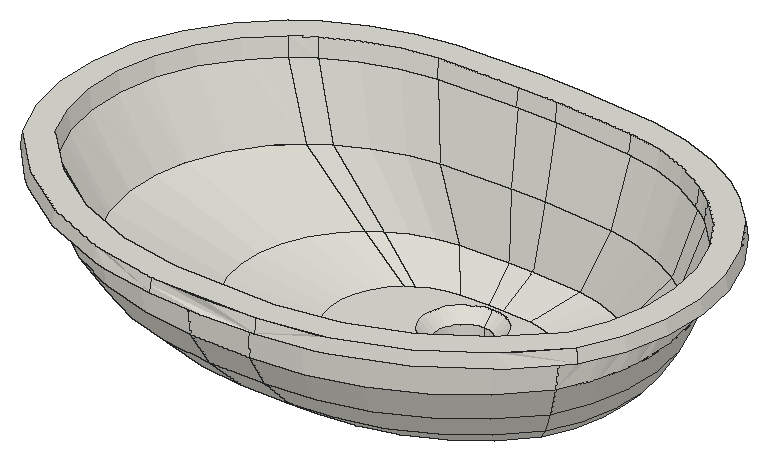
Revit family "Lav-Corian-European-Calm-815", category Plumbing Fixtures, host Face, Revit 2015
Parameters (values of type "815")
  Width = 571 mm
  WFU = 0
  Version = "2015 - 1.0b"  # constant formula
  URL = "http://www.corian.uk/-the-complete-residential-surfaces-solutions-"
  Sink Colors Available = "Bone, Cameo White, Designer White, Glacier White, Vanilla"
  Product Page URL = "http://www.corian.uk/-bathroom-basins-"
  Model = "Calm 815"  # constant formula
  Manufacturer = "DuPont"  # constant formula
  Length = 418 mm
  Interior Width = 520 mm
  Interior Length = 368.3 mm
  HWFU = 0
  Finish = Solid Surface Sink - DuPont - Bone
  Description = "Bathroom Basin Europe Specification"  # constant formula
  Depth = 177.8 mm
  Default Elevation = 1219.2 mm
  Cost = 0
  CWFU = 0
Reference planes
  plane 1 "Center (Front/Back)": y = 0
  plane 2: z = 0
  plane 3 "Center (Left/Right)": x = 0
  plane 4: z = -189.8
  plane 5: x = -260
  plane 6: x = 260
  plane 7: y = 184.15
  plane 8: y = -184.15
  plane 9 "NAME": z = -12
  plane 10: z = 12
  plane 11: z = -148.525
  plane 12: y = 96.455
  plane 13: x = -285.5
  plane 14: x = 285.5
  plane 15: y = 209
  plane 16: y = -209
  plane 17: y = -209
Forms (mm)
  Extrusion 1, void
    sketch origin (-322.065, -4572, -12) x (-1, 0, 0) y (0, -1, 0)
      loop
        arc (-83.556, -4491.518) -> (-168.873, -4420.578) -> (-275.58, -4390.164) r 268.667
        arc (-275.58, -4390.164) -> (-322.065, -4387.85) -> (-368.55, -4390.164) r 468.132
        arc (-368.55, -4390.164) -> (-475.257, -4420.578) -> (-560.574, -4491.518) r 268.667
        arc (-560.574, -4491.518) -> (-578.816, -4607.787) -> (-517.569, -4708.287) r 170.922
        arc (-517.569, -4708.287) -> (-508.771, -4715.003) -> (-499.57, -4721.156) r 177.074
        arc (-499.57, -4721.156) -> (-457.322, -4741.185) -> (-411.61, -4751.01) r 202.862
        arc (-411.61, -4751.01) -> (-375.764, -4753.601) -> (-339.835, -4754.465) r 747.176
        line (-339.835, -4754.465) -> (-304.295, -4754.465)
        arc (-304.295, -4754.465) -> (-268.366, -4753.601) -> (-232.52, -4751.01) r 747.176
        arc (-232.52, -4751.01) -> (-186.808, -4741.185) -> (-144.559, -4721.156) r 202.862
        arc (-144.559, -4721.156) -> (-135.358, -4715.003) -> (-126.56, -4708.287) r 177.074
        arc (-126.56, -4708.287) -> (-65.314, -4607.787) -> (-83.556, -4491.518) r 170.922
    from 39.73 to -177.8
  SweptBlend 2, solid, material "Solid Surface Sink - DuPont - Bone" <- "Finish"
    path origin (0, 0, 0) x (0, 1, 0) y (0, 0, 1)
      loop
        line (96.455, -28.44) -> (96.455, -60.19)
    profile origin (0, 96.455, -28.44) x (1, 0, 0) y (0, 1, 0)
      loop
        arc (-82.637, 91.233) -> (-129.669, 81.125) -> (-173.138, 60.517) r 208.722
        arc (-173.138, 60.517) -> (-182.723, 54.109) -> (-191.893, 47.119) r 185.684
        arc (-191.893, 47.119) -> (-256.57, -59.918) -> (-235.995, -183.275) r 180.188
        arc (-235.995, -183.275) -> (-143.846, -258.633) -> (-28.128, -286.553) r 267.509
        line (-28.128, -286.553) -> (28.128, -286.553)
        arc (28.128, -286.553) -> (143.846, -258.633) -> (235.995, -183.275) r 267.509
        arc (235.995, -183.275) -> (256.57, -59.918) -> (191.893, 47.119) r 180.188
        arc (191.893, 47.119) -> (182.723, 54.109) -> (173.138, 60.517) r 185.684
        arc (173.138, 60.517) -> (129.669, 81.125) -> (82.637, 91.233) r 208.722
        arc (82.637, 91.233) -> (49.295, 93.643) -> (15.875, 94.447) r 694.989
        line (15.875, 94.447) -> (-15.875, 94.447)
        arc (-15.875, 94.447) -> (-49.295, 93.643) -> (-82.637, 91.233) r 694.989
    end profile origin (0, 96.455, -60.19) x (1, 0, 0) y (0, 1, 0)
      loop
        arc (-80.982, 86.975) -> (-127.073, 77.069) -> (-169.672, 56.874) r 204.543
        arc (-169.672, 56.874) -> (-179.065, 50.594) -> (-188.051, 43.744) r 181.966
        arc (-188.051, 43.744) -> (-251.433, -61.15) -> (-231.27, -182.037) r 176.58
        arc (-231.27, -182.037) -> (-140.966, -255.886) -> (-27.564, -283.247) r 262.153
        line (-27.564, -283.247) -> (27.564, -283.247)
        arc (27.564, -283.247) -> (140.966, -255.886) -> (231.27, -182.037) r 262.153
        arc (231.27, -182.037) -> (251.433, -61.15) -> (188.051, 43.744) r 176.58
        arc (188.051, 43.744) -> (179.065, 50.594) -> (169.672, 56.874) r 181.966
        arc (169.672, 56.874) -> (127.073, 77.069) -> (80.982, 86.975) r 204.543
        arc (80.982, 86.975) -> (48.308, 89.337) -> (15.557, 90.125) r 681.074
        line (15.557, 90.125) -> (-15.557, 90.125)
        arc (-15.557, 90.125) -> (-48.308, 89.337) -> (-80.982, 86.975) r 681.074
  SweptBlend 3, solid, material "Solid Surface Sink - DuPont - Bone" <- "Finish"
    path origin (0, 0, 0) x (0, 1, 0) y (0, 0, 1)
      loop
        line (96.455, -60.19) -> (96.455, -91.94)
    profile origin (0, 96.455, -60.19) x (1, 0, 0) y (0, 1, 0)
      loop
        arc (188.051, 43.744) -> (179.065, 50.594) -> (169.672, 56.874) r 181.966
        arc (169.672, 56.874) -> (127.073, 77.069) -> (80.982, 86.975) r 204.543
        arc (80.982, 86.975) -> (48.308, 89.337) -> (15.557, 90.125) r 681.074
        line (15.557, 90.125) -> (-15.557, 90.125)
        arc (-15.557, 90.125) -> (-48.308, 89.337) -> (-80.982, 86.975) r 681.074
        arc (-80.982, 86.975) -> (-127.073, 77.069) -> (-169.672, 56.874) r 204.543
        arc (-169.672, 56.874) -> (-179.065, 50.594) -> (-188.051, 43.744) r 181.966
        arc (-188.051, 43.744) -> (-251.433, -61.15) -> (-231.27, -182.037) r 176.58
        arc (-231.27, -182.037) -> (-140.966, -255.886) -> (-27.564, -283.247) r 262.153
        line (-27.564, -283.247) -> (27.564, -283.247)
        arc (27.564, -283.247) -> (140.966, -255.886) -> (231.27, -182.037) r 262.153
        arc (231.27, -182.037) -> (251.433, -61.15) -> (188.051, 43.744) r 176.58
    end profile origin (0, 96.455, -91.94) x (1, 0, 0) y (0, 1, 0)
      loop
        arc (175.583, 42.498) -> (167.193, 48.894) -> (158.422, 54.757) r 169.902
        arc (158.422, 54.757) -> (118.648, 73.613) -> (75.613, 82.863) r 190.981
        arc (75.613, 82.863) -> (45.105, 85.068) -> (14.526, 85.804) r 635.918
        line (14.526, 85.804) -> (-14.526, 85.804)
        arc (-14.526, 85.804) -> (-45.105, 85.068) -> (-75.613, 82.863) r 635.918
        arc (-75.613, 82.863) -> (-118.648, 73.613) -> (-158.422, 54.757) r 190.981
        arc (-158.422, 54.757) -> (-167.193, 48.894) -> (-175.583, 42.498) r 169.902
        arc (-175.583, 42.498) -> (-234.763, -55.442) -> (-215.937, -168.314) r 164.873
        arc (-215.937, -168.314) -> (-131.62, -237.267) -> (-25.737, -262.813) r 244.772
        line (-25.737, -262.813) -> (25.737, -262.813)
        arc (25.737, -262.813) -> (131.62, -237.267) -> (215.937, -168.314) r 244.772
        arc (215.937, -168.314) -> (234.763, -55.442) -> (175.583, 42.498) r 164.873
  SweptBlend 4, solid, material "Solid Surface Sink - DuPont - Bone" <- "Finish"
    path origin (0, 0, 0) x (0, 1, 0) y (0, 0, 1)
      loop
        line (96.455, -91.94) -> (96.455, -123.69)
    profile origin (0, 96.455, -91.94) x (1, 0, 0) y (0, 1, 0)
      loop
        arc (175.583, 42.498) -> (167.193, 48.894) -> (158.422, 54.757) r 169.902
        arc (158.422, 54.757) -> (118.648, 73.613) -> (75.613, 82.863) r 190.981
        arc (75.613, 82.863) -> (45.105, 85.068) -> (14.526, 85.804) r 635.918
        line (14.526, 85.804) -> (-14.526, 85.804)
        arc (-14.526, 85.804) -> (-45.105, 85.068) -> (-75.613, 82.863) r 635.918
        arc (-75.613, 82.863) -> (-118.648, 73.613) -> (-158.422, 54.757) r 190.981
        arc (-158.422, 54.757) -> (-167.193, 48.894) -> (-175.583, 42.498) r 169.902
        arc (-175.583, 42.498) -> (-234.763, -55.442) -> (-215.937, -168.314) r 164.873
        arc (-215.937, -168.314) -> (-131.62, -237.267) -> (-25.737, -262.813) r 244.772
        line (-25.737, -262.813) -> (25.737, -262.813)
        arc (25.737, -262.813) -> (131.62, -237.267) -> (215.937, -168.314) r 244.772
        arc (215.937, -168.314) -> (234.763, -55.442) -> (175.583, 42.498) r 164.873
    end profile origin (0, 96.455, -123.69) x (1, 0, 0) y (0, 1, 0)
      loop
        arc (157.345, 43.304) -> (149.826, 49.036) -> (141.967, 54.289) r 152.254
        arc (141.967, 54.289) -> (106.324, 71.187) -> (67.759, 79.476) r 171.144
        arc (67.759, 79.476) -> (40.42, 81.452) -> (13.017, 82.111) r 569.865
        line (13.017, 82.111) -> (-13.017, 82.111)
        arc (-13.017, 82.111) -> (-40.42, 81.452) -> (-67.759, 79.476) r 569.865
        arc (-67.759, 79.476) -> (-106.324, 71.187) -> (-141.967, 54.289) r 171.144
        arc (-141.967, 54.289) -> (-149.826, 49.036) -> (-157.345, 43.304) r 152.254
        arc (-157.345, 43.304) -> (-210.377, -44.463) -> (-193.507, -145.611) r 147.747
        arc (-193.507, -145.611) -> (-117.948, -207.401) -> (-23.064, -230.294) r 219.347
        line (-23.064, -230.294) -> (23.064, -230.294)
        arc (23.064, -230.294) -> (117.948, -207.401) -> (193.507, -145.611) r 219.347
        arc (193.507, -145.611) -> (210.377, -44.463) -> (157.345, 43.304) r 147.747
  SweptBlend 5, solid, material "Solid Surface Sink - DuPont - Bone" <- "Finish"
    path origin (0, 0, 0) x (0, 1, 0) y (0, 0, 1)
      loop
        line (96.455, -123.69) -> (96.455, -148.525)
    profile origin (0, 96.455, -123.69) x (1, 0, 0) y (0, 1, 0)
      loop
        arc (157.345, 43.304) -> (149.826, 49.036) -> (141.967, 54.289) r 152.254
        arc (141.967, 54.289) -> (106.324, 71.187) -> (67.759, 79.476) r 171.144
        arc (67.759, 79.476) -> (40.42, 81.452) -> (13.017, 82.111) r 569.865
        line (13.017, 82.111) -> (-13.017, 82.111)
        arc (-13.017, 82.111) -> (-40.42, 81.452) -> (-67.759, 79.476) r 569.865
        arc (-67.759, 79.476) -> (-106.324, 71.187) -> (-141.967, 54.289) r 171.144
        arc (-141.967, 54.289) -> (-149.826, 49.036) -> (-157.345, 43.304) r 152.254
        arc (-157.345, 43.304) -> (-210.377, -44.463) -> (-193.507, -145.611) r 147.747
        arc (-193.507, -145.611) -> (-117.948, -207.401) -> (-23.064, -230.294) r 219.347
        line (-23.064, -230.294) -> (23.064, -230.294)
        arc (23.064, -230.294) -> (117.948, -207.401) -> (193.507, -145.611) r 219.347
        arc (193.507, -145.611) -> (210.377, -44.463) -> (157.345, 43.304) r 147.747
    end profile origin (0, 96.455, -148.525) x (1, 0, 0) y (0, 1, 0)
      loop
        arc (137.523, 44.967) -> (130.952, 49.977) -> (124.082, 54.569) r 133.073
        arc (124.082, 54.569) -> (92.93, 69.338) -> (59.223, 76.582) r 149.584
        arc (59.223, 76.582) -> (35.328, 78.309) -> (11.377, 78.885) r 498.076
        line (11.377, 78.885) -> (-11.377, 78.885)
        arc (-11.377, 78.885) -> (-35.328, 78.309) -> (-59.223, 76.582) r 498.076
        arc (-59.223, 76.582) -> (-92.93, 69.338) -> (-124.082, 54.569) r 149.584
        arc (-124.082, 54.569) -> (-130.952, 49.977) -> (-137.523, 44.967) r 133.073
        arc (-137.523, 44.967) -> (-183.875, -31.743) -> (-169.13, -120.149) r 129.135
        arc (-169.13, -120.149) -> (-103.09, -174.156) -> (-20.158, -194.165) r 191.715
        line (-20.158, -194.165) -> (20.158, -194.165)
        arc (20.158, -194.165) -> (103.09, -174.156) -> (169.13, -120.149) r 191.715
        arc (169.13, -120.149) -> (183.875, -31.743) -> (137.523, 44.967) r 129.135
  Sweep 6, solid, material "Solid Surface Sink - DuPont - Bone" <- "Finish"
    path origin (-322.065, -4572, -12) x (-1, 0, 0) y (0, -1, 0)
      loop
        arc (-275.58, -4390.164) -> (-322.065, -4387.85) -> (-368.55, -4390.164) r 468.132
        arc (-368.55, -4390.164) -> (-475.257, -4420.578) -> (-560.574, -4491.518) r 268.667
        arc (-560.574, -4491.518) -> (-578.816, -4607.787) -> (-517.569, -4708.287) r 170.922
        arc (-517.569, -4708.287) -> (-508.771, -4715.003) -> (-499.57, -4721.156) r 177.074
        arc (-499.57, -4721.156) -> (-457.322, -4741.185) -> (-411.61, -4751.01) r 202.862
        arc (-411.61, -4751.01) -> (-375.764, -4753.601) -> (-339.835, -4754.465) r 747.176
        line (-339.835, -4754.465) -> (-304.295, -4754.465)
        arc (-304.295, -4754.465) -> (-268.366, -4753.601) -> (-232.52, -4751.01) r 747.176
        arc (-232.52, -4751.01) -> (-186.808, -4741.185) -> (-144.559, -4721.156) r 202.862
        arc (-144.559, -4721.156) -> (-135.358, -4715.003) -> (-126.56, -4708.287) r 177.074
        arc (-126.56, -4708.287) -> (-65.314, -4607.787) -> (-83.556, -4491.518) r 170.922
        arc (-83.556, -4491.518) -> (-168.873, -4420.578) -> (-275.58, -4390.164) r 268.667
    profile origin (0, -184.15, -12) x (0, 1, 0) y (0, 0, 1)
      loop
        line (-23.447, 0) -> (-25.4, -12.331) -> (-7.33, -12.331) -> (-6.752, -16.44) -> (2.31, -16.44) -> (0, 0) -> (-23.447, 0)
  SweptBlend 7, solid, material "Solid Surface Sink - DuPont - Bone" <- "Finish"
    path origin (0, 0, 0) x (0, 1, 0) y (0, 0, 1)
      loop
        line (96.455, -148.525) -> (96.455, -169.322)
    profile origin (0, 96.455, -148.525) x (1, 0, 0) y (0, 1, 0)
      loop
        arc (169.13, -120.149) -> (183.875, -31.743) -> (137.523, 44.967) r 129.135
        arc (137.523, 44.967) -> (130.952, 49.977) -> (124.082, 54.569) r 133.073
        arc (124.082, 54.569) -> (92.93, 69.338) -> (59.223, 76.582) r 149.584
        arc (59.223, 76.582) -> (35.328, 78.309) -> (11.377, 78.885) r 498.076
        line (11.377, 78.885) -> (-11.377, 78.885)
        arc (-11.377, 78.885) -> (-35.328, 78.309) -> (-59.223, 76.582) r 498.076
        arc (-59.223, 76.582) -> (-92.93, 69.338) -> (-124.082, 54.569) r 149.584
        arc (-124.082, 54.569) -> (-130.952, 49.977) -> (-137.523, 44.967) r 133.073
        arc (-137.523, 44.967) -> (-183.875, -31.743) -> (-169.13, -120.149) r 129.135
        arc (-169.13, -120.149) -> (-103.09, -174.156) -> (-20.158, -194.165) r 191.715
        line (-20.158, -194.165) -> (20.158, -194.165)
        arc (20.158, -194.165) -> (103.09, -174.156) -> (169.13, -120.149) r 191.715
    end profile origin (0, 96.455, -169.322) x (1, 0, 0) y (0, 1, 0)
      loop
        arc (129.797, -85.189) -> (141.113, -17.342) -> (105.541, 41.528) r 99.103
        arc (105.541, 41.528) -> (100.498, 45.373) -> (95.226, 48.897) r 102.126
        arc (95.226, 48.897) -> (71.318, 60.231) -> (45.45, 65.791) r 114.797
        arc (45.45, 65.791) -> (27.112, 67.117) -> (8.731, 67.559) r 382.244
        line (8.731, 67.559) -> (-8.731, 67.559)
        arc (-8.731, 67.559) -> (-27.112, 67.117) -> (-45.45, 65.791) r 382.244
        arc (-45.45, 65.791) -> (-71.318, 60.231) -> (-95.226, 48.897) r 114.797
        arc (-95.226, 48.897) -> (-100.498, 45.373) -> (-105.541, 41.528) r 102.126
        arc (-105.541, 41.528) -> (-141.113, -17.342) -> (-129.797, -85.189) r 99.103
        arc (-129.797, -85.189) -> (-79.115, -126.636) -> (-15.47, -141.991) r 147.13
        line (-15.47, -141.991) -> (15.47, -141.991)
        arc (15.47, -141.991) -> (79.115, -126.636) -> (129.797, -85.189) r 147.13
  SweptBlend 8, solid, material "Solid Surface Sink - DuPont - Bone" <- "Finish"
    path origin (0, 0, 0) x (0, 1, 0) y (0, 0, 1)
      loop
        line (95.859, -169.322) -> (95.859, -182.022)
    profile origin (0, 95.859, -169.322) x (1, 0, 0) y (0, 1, 0)
      loop
        arc (105.541, 42.124) -> (100.498, 45.968) -> (95.226, 49.492) r 102.126
        arc (95.226, 49.492) -> (71.318, 60.827) -> (45.45, 66.386) r 114.797
        arc (45.45, 66.386) -> (27.112, 67.712) -> (8.731, 68.154) r 382.244
        line (8.731, 68.154) -> (-8.731, 68.154)
        arc (-8.731, 68.154) -> (-27.112, 67.712) -> (-45.45, 66.386) r 382.244
        arc (-45.45, 66.386) -> (-71.318, 60.827) -> (-95.226, 49.492) r 114.797
        arc (-95.226, 49.492) -> (-100.498, 45.968) -> (-105.541, 42.124) r 102.126
        arc (-105.541, 42.124) -> (-141.113, -16.747) -> (-129.797, -84.593) r 99.103
        arc (-129.797, -84.593) -> (-79.115, -126.04) -> (-15.47, -141.396) r 147.13
        line (-15.47, -141.396) -> (15.47, -141.396)
        arc (15.47, -141.396) -> (79.115, -126.04) -> (129.797, -84.593) r 147.13
        arc (129.797, -84.593) -> (141.113, -16.747) -> (105.541, 42.124) r 99.103
    end profile origin (0, 95.859, -182.022) x (1, 0, 0) y (0, 1, 0)
      loop
        arc (51.132, -17.419) -> (55.59, 9.308) -> (41.577, 32.5) r 39.041
        arc (41.577, 32.5) -> (39.59, 34.014) -> (37.513, 35.403) r 40.232
        arc (37.513, 35.403) -> (28.095, 39.868) -> (17.905, 42.058) r 45.223
        arc (17.905, 42.058) -> (10.681, 42.58) -> (3.44, 42.754) r 150.581
        line (3.44, 42.754) -> (-3.44, 42.754)
        arc (-3.44, 42.754) -> (-10.681, 42.58) -> (-17.905, 42.058) r 150.581
        arc (-17.905, 42.058) -> (-28.095, 39.868) -> (-37.513, 35.403) r 45.223
        arc (-37.513, 35.403) -> (-39.59, 34.014) -> (-41.577, 32.5) r 40.232
        arc (-41.577, 32.5) -> (-55.59, 9.308) -> (-51.132, -17.419) r 39.041
        arc (-51.132, -17.419) -> (-31.167, -33.747) -> (-6.094, -39.796) r 57.96
        line (-6.094, -39.796) -> (6.094, -39.796)
        arc (6.094, -39.796) -> (31.167, -33.747) -> (51.132, -17.419) r 57.96
  SweptBlend 9, solid, material "Solid Surface Sink - DuPont - Bone" <- "Finish"
    path origin (0, 0, 0) x (0, 1, 0) y (0, 0, 1)
      loop
        line (96.455, -189.8) -> (96.455, -182.022)
    profile origin (0, 96.455, -189.8) x (0, -1, 0) y (1, 0, 0)
      loop
        line (-38.831, 3.264) -> (-38.831, -3.264)
        arc (-38.831, -3.264) -> (-38.666, -10.135) -> (-38.17, -16.991) r 142.895
        arc (-38.17, -16.991) -> (-36.092, -26.661) -> (-31.855, -35.599) r 42.915
        arc (-31.855, -35.599) -> (-30.537, -37.569) -> (-29.1, -39.455) r 38.178
        arc (-29.1, -39.455) -> (-7.092, -52.753) -> (18.271, -48.522) r 37.048
        arc (18.271, -48.522) -> (33.765, -29.576) -> (39.505, -5.783) r 55.002
        line (39.505, -5.783) -> (39.505, 5.783)
        arc (39.505, 5.783) -> (33.765, 29.576) -> (18.271, 48.522) r 55.002
        arc (18.271, 48.522) -> (-7.092, 52.753) -> (-29.1, 39.455) r 37.048
        arc (-29.1, 39.455) -> (-30.537, 37.569) -> (-31.855, 35.599) r 38.178
        arc (-31.855, 35.599) -> (-36.092, 26.661) -> (-38.17, 16.991) r 42.915
        arc (-38.17, 16.991) -> (-38.666, 10.135) -> (-38.831, 3.264) r 142.895
    end profile origin (0, 96.455, -182.022) x (0, -1, 0) y (1, 0, 0)
      loop
        line (-42.159, 3.44) -> (-42.159, -3.44)
        arc (-42.159, -3.44) -> (-41.985, -10.681) -> (-41.462, -17.905) r 150.581
        arc (-41.462, -17.905) -> (-39.272, -28.095) -> (-34.807, -37.513) r 45.223
        arc (-34.807, -37.513) -> (-33.419, -39.59) -> (-31.904, -41.577) r 40.232
        arc (-31.904, -41.577) -> (-8.713, -55.59) -> (18.014, -51.132) r 39.041
        arc (18.014, -51.132) -> (34.342, -31.167) -> (40.391, -6.094) r 57.96
        line (40.391, -6.094) -> (40.391, 6.094)
        arc (40.391, 6.094) -> (34.342, 31.167) -> (18.014, 51.132) r 57.96
        arc (18.014, 51.132) -> (-8.713, 55.59) -> (-31.904, 41.577) r 39.041
        arc (-31.904, 41.577) -> (-33.419, 39.59) -> (-34.807, 37.513) r 40.232
        arc (-34.807, 37.513) -> (-39.272, 28.095) -> (-41.462, 17.905) r 45.223
        arc (-41.462, 17.905) -> (-41.985, 10.681) -> (-42.159, 3.44) r 150.581
  SweptBlend 10, void
    path origin (0, 0, 0) x (0, 1, 0) y (0, 0, 1)
      loop
        line (96.455, -28.44) -> (96.455, -91.94)
    profile origin (0, 96.455, -28.44) x (1, 0, 0) y (0, 1, 0)
      loop
        arc (-238.509, -176.936) -> (-153.192, -247.877) -> (-46.485, -278.291) r 268.667
        arc (-46.485, -278.291) -> (0, -280.605) -> (46.485, -278.291) r 468.132
        arc (46.485, -278.291) -> (153.192, -247.877) -> (238.509, -176.936) r 268.667
        arc (238.509, -176.936) -> (256.751, -60.668) -> (195.505, 39.832) r 170.922
        arc (195.505, 39.832) -> (186.706, 46.548) -> (177.506, 52.701) r 177.074
        arc (177.506, 52.701) -> (135.257, 72.73) -> (89.545, 82.555) r 202.862
        arc (89.545, 82.555) -> (53.699, 85.146) -> (17.77, 86.01) r 747.176
        line (17.77, 86.01) -> (-17.77, 86.01)
        arc (-17.77, 86.01) -> (-53.699, 85.146) -> (-89.545, 82.555) r 747.176
        arc (-89.545, 82.555) -> (-135.257, 72.73) -> (-177.506, 52.701) r 202.862
        arc (-177.506, 52.701) -> (-186.706, 46.548) -> (-195.505, 39.832) r 177.074
        arc (-195.505, 39.832) -> (-256.751, -60.668) -> (-238.509, -176.936) r 170.922
    end profile origin (0, 96.455, -91.94) x (1, 0, 0) y (0, 1, 0)
      loop
        arc (-173.497, 33.804) -> (-227.849, -55.382) -> (-211.66, -158.563) r 151.681
        arc (-211.66, -158.563) -> (-129.935, -224.582) -> (-27.767, -249.066) r 238.423
        line (-27.767, -249.066) -> (27.767, -249.066)
        arc (27.767, -249.066) -> (129.935, -224.582) -> (211.66, -158.563) r 238.423
        arc (211.66, -158.563) -> (227.849, -55.382) -> (173.497, 33.804) r 151.681
        arc (173.497, 33.804) -> (165.689, 39.764) -> (157.524, 45.224) r 157.141
        arc (157.524, 45.224) -> (120.031, 62.999) -> (79.465, 71.718) r 180.026
        arc (79.465, 71.718) -> (47.654, 74.017) -> (15.77, 74.784) r 663.066
        line (15.77, 74.784) -> (-15.77, 74.784)
        arc (-15.77, 74.784) -> (-47.654, 74.017) -> (-79.465, 71.718) r 663.066
        arc (-79.465, 71.718) -> (-120.031, 62.999) -> (-157.524, 45.224) r 180.026
        arc (-157.524, 45.224) -> (-165.689, 39.764) -> (-173.497, 33.804) r 157.141
  SweptBlend 11, void
    path origin (0, 0, 0) x (0, 1, 0) y (0, 0, 1)
      loop
        line (96.455, -91.94) -> (96.455, -148.525)
    profile origin (0, 96.455, -91.94) x (1, 0, 0) y (0, 1, 0)
      loop
        arc (-211.66, -158.563) -> (-129.935, -224.582) -> (-27.767, -249.066) r 238.423
        line (-27.767, -249.066) -> (27.767, -249.066)
        arc (27.767, -249.066) -> (129.935, -224.582) -> (211.66, -158.563) r 238.423
        arc (211.66, -158.563) -> (227.849, -55.382) -> (173.497, 33.804) r 151.681
        arc (173.497, 33.804) -> (165.689, 39.764) -> (157.524, 45.224) r 157.141
        arc (157.524, 45.224) -> (120.031, 62.999) -> (79.465, 71.718) r 180.026
        arc (79.465, 71.718) -> (47.654, 74.017) -> (15.77, 74.784) r 663.066
        line (15.77, 74.784) -> (-15.77, 74.784)
        arc (-15.77, 74.784) -> (-47.654, 74.017) -> (-79.465, 71.718) r 663.066
        arc (-79.465, 71.718) -> (-120.031, 62.999) -> (-157.524, 45.224) r 180.026
        arc (-157.524, 45.224) -> (-165.689, 39.764) -> (-173.497, 33.804) r 157.141
        arc (-173.497, 33.804) -> (-227.849, -55.382) -> (-211.66, -158.563) r 151.681
    end profile origin (0, 96.455, -148.525) x (1, 0, 0) y (0, 1, 0)
      loop
        arc (-149.407, -97.447) -> (-91.719, -144.05) -> (-19.6, -161.332) r 168.298
        line (-19.6, -161.332) -> (19.6, -161.332)
        arc (19.6, -161.332) -> (91.719, -144.05) -> (149.407, -97.447) r 168.298
        arc (149.407, -97.447) -> (160.834, -24.614) -> (122.468, 38.341) r 107.069
        arc (122.468, 38.341) -> (116.957, 42.548) -> (111.193, 46.402) r 110.923
        arc (111.193, 46.402) -> (84.728, 58.949) -> (56.093, 65.103) r 127.077
        arc (56.093, 65.103) -> (33.638, 66.726) -> (11.132, 67.268) r 468.046
        line (11.132, 67.268) -> (-11.132, 67.268)
        arc (-11.132, 67.268) -> (-33.638, 66.726) -> (-56.093, 65.103) r 468.046
        arc (-56.093, 65.103) -> (-84.728, 58.949) -> (-111.193, 46.402) r 127.077
        arc (-111.193, 46.402) -> (-116.957, 42.548) -> (-122.468, 38.341) r 110.923
        arc (-122.468, 38.341) -> (-160.834, -24.614) -> (-149.407, -97.447) r 107.069
  SweptBlend 12, void
    path origin (0, 0, 0) x (0, 1, 0) y (0, 0, 1)
      loop
        line (96.455, -148.525) -> (96.455, -169.322)
    profile origin (0, 96.455, -148.525) x (1, 0, 0) y (0, 1, 0)
      loop
        arc (-149.407, -97.447) -> (-91.719, -144.05) -> (-19.6, -161.332) r 168.298
        line (-19.6, -161.332) -> (19.6, -161.332)
        arc (19.6, -161.332) -> (91.719, -144.05) -> (149.407, -97.447) r 168.298
        arc (149.407, -97.447) -> (160.834, -24.614) -> (122.468, 38.341) r 107.069
        arc (122.468, 38.341) -> (116.957, 42.548) -> (111.193, 46.402) r 110.923
        arc (111.193, 46.402) -> (84.728, 58.949) -> (56.093, 65.103) r 127.077
        arc (56.093, 65.103) -> (33.638, 66.726) -> (11.132, 67.268) r 468.046
        line (11.132, 67.268) -> (-11.132, 67.268)
        arc (-11.132, 67.268) -> (-33.638, 66.726) -> (-56.093, 65.103) r 468.046
        arc (-56.093, 65.103) -> (-84.728, 58.949) -> (-111.193, 46.402) r 127.077
        arc (-111.193, 46.402) -> (-116.957, 42.548) -> (-122.468, 38.341) r 110.923
        arc (-122.468, 38.341) -> (-160.834, -24.614) -> (-149.407, -97.447) r 107.069
    end profile origin (0, 96.455, -169.322) x (1, 0, 0) y (0, 1, 0)
      loop
        arc (-87.908, -58.866) -> (-53.966, -86.286) -> (-11.533, -96.455) r 99.024
        line (-11.533, -96.455) -> (11.533, -96.455)
        arc (11.533, -96.455) -> (53.966, -86.286) -> (87.908, -58.866) r 99.024
        arc (87.908, -58.866) -> (94.632, -16.012) -> (72.058, 21.029) r 62.998
        arc (72.058, 21.029) -> (68.815, 23.505) -> (65.424, 25.773) r 65.265
        arc (65.424, 25.773) -> (49.852, 33.155) -> (33.004, 36.776) r 74.77
        arc (33.004, 36.776) -> (19.792, 37.731) -> (6.55, 38.05) r 275.391
        line (6.55, 38.05) -> (-6.55, 38.05)
        arc (-6.55, 38.05) -> (-19.792, 37.731) -> (-33.004, 36.776) r 275.391
        arc (-33.004, 36.776) -> (-49.852, 33.155) -> (-65.424, 25.773) r 74.77
        arc (-65.424, 25.773) -> (-68.815, 23.505) -> (-72.058, 21.029) r 65.265
        arc (-72.058, 21.029) -> (-94.632, -16.012) -> (-87.908, -58.866) r 62.998
  Revolve 13, void
    sketch origin (0, 0, 0) x (0, 1, 0) y (0, 0, 1)
      loop
        line (96.455, -169.322) -> (96.455, -189.8) -> (120.193, -189.8) -> (120.193, -179.929) -> (130.8, -169.322) -> (96.455, -169.322)
      axis (96.455, -169.322) -> (96.455, -189.8)
    angle from 0 to 360
Cuts and joins
  SweptBlend 10 cuts SweptBlend 2
  SweptBlend 10 cuts SweptBlend 3
  SweptBlend 11 cuts SweptBlend 4
  SweptBlend 11 cuts SweptBlend 5
  SweptBlend 11, SweptBlend 12 cuts SweptBlend 7
  SweptBlend 12, Revolve 13 cuts SweptBlend 8
  Revolve 13 cuts SweptBlend 9
  joined: SweptBlend 2, SweptBlend 3, SweptBlend 4, SweptBlend 5, SweptBlend 7, SweptBlend 8, SweptBlend 9
Lines and regions (mm)
  Masking region 1
    outline origin (-322.065, -4572, -12) x (-1, 0, 0) y (0, -1, 0)
      loop
        arc (-83.556, -4491.518) -> (-168.873, -4420.578) -> (-275.58, -4390.164) r 268.667
        arc (-275.58, -4390.164) -> (-322.065, -4387.85) -> (-368.55, -4390.164) r 468.132
        arc (-368.55, -4390.164) -> (-475.257, -4420.578) -> (-560.574, -4491.518) r 268.667
        arc (-560.574, -4491.518) -> (-578.816, -4607.787) -> (-517.569, -4708.287) r 170.922
        arc (-517.569, -4708.287) -> (-508.771, -4715.003) -> (-499.57, -4721.156) r 177.074
        arc (-499.57, -4721.156) -> (-457.322, -4741.185) -> (-411.61, -4751.01) r 202.862
        arc (-411.61, -4751.01) -> (-375.764, -4753.601) -> (-339.835, -4754.465) r 747.176
        line (-339.835, -4754.465) -> (-304.295, -4754.465)
        arc (-304.295, -4754.465) -> (-268.366, -4753.601) -> (-232.52, -4751.01) r 747.176
        arc (-232.52, -4751.01) -> (-186.808, -4741.185) -> (-144.559, -4721.156) r 202.862
        arc (-144.559, -4721.156) -> (-135.358, -4715.003) -> (-126.56, -4708.287) r 177.074
        arc (-126.56, -4708.287) -> (-65.314, -4607.787) -> (-83.556, -4491.518) r 170.922
  Masking region 2, detail levels fine
    outline origin (-322.065, -4572, -12) x (-1, 0, 0) y (0, -1, 0)
      loop
        circle (-322.065, -4668.455) r 34.345
  Masking region 3, detail levels medium+fine
    outline origin (-322.065, -4572, -12) x (-1, 0, 0) y (0, -1, 0)
      loop
        circle (-322.065, -4668.455) r 23.738
Dimensions and locks
  equal spacing: plane 5, plane 3 "Center (Left/Right)", plane 6
  equal spacing: plane 7, plane 1 "Center (Front/Back)", plane 8
  "Interior Width": plane 5 to plane 6
  "Interior Length": plane 7 to plane 8
  locked: plane 2 to plane 9 "NAME" at 12
  "Depth": plane 9 "NAME" to plane 4
  locked: plane 10 to plane 2 at 12
  plane 9 "NAME" to plane 11 = 136.525 mm
  "Width": plane 13 to plane 14
  equal spacing: plane 13, plane 3 "Center (Left/Right)", plane 14
  "Length": plane 15 to plane 16
  plane 7 to Extrusion 1 sketch curve to Extrusion 1 sketch curve to Extrusion 1 sketch curve to Extrusion 1 sketch curve to Extrusion 1 sketch curve = 1.685 mm locked, 3.455 mm locked, 0 mm locked, 29.854 mm locked, 0 mm locked
  locked: plane 8 to Extrusion 1 sketch curve at 0
  Extrusion 1 sketch curve to Extrusion 1 sketch curve to plane 1 "Center (Front/Back)" to Extrusion 1 sketch curve to Extrusion 1 sketch curve = 0 mm locked, 80.482 mm locked, 136.287 mm locked, 0 mm locked
  Extrusion 1 sketch curve to plane 3 "Center (Left/Right)" to Extrusion 1 sketch curve = 46.485 mm locked, 46.485 mm locked
  Extrusion 1 sketch curve to Extrusion 1 sketch curve to plane 3 "Center (Left/Right)" to Extrusion 1 sketch curve to Extrusion 1 sketch curve = 71.775 mm locked, 17.77 mm locked, 17.77 mm locked, 71.775 mm locked
  Extrusion 1 sketch curve to plane 5 to Extrusion 1 sketch curve to Extrusion 1 sketch curve to Extrusion 1 sketch curve = 0.019 mm locked, 21.491 mm locked, 43.004 mm locked, 17.999 mm locked
  Extrusion 1 sketch curve to Extrusion 1 sketch curve to Extrusion 1 sketch curve to plane 6 to Extrusion 1 sketch curve = 17.999 mm locked, 43.004 mm locked, 21.491 mm locked, 0.019 mm locked
  plane 9 "NAME" to SweptBlend 10 sketch curve to SweptBlend 10 sketch curve = 16.44 mm locked, 63.5 mm locked
  plane 7 to Masking region 1 to SweptBlend 10 sketch curve to SweptBlend 10 sketch curve to SweptBlend 10 sketch curve = 1.685 mm locked, 3.455 mm locked, 29.854 mm locked, 0 mm locked
  locked: plane 8 to SweptBlend 10 sketch curve at 0
  SweptBlend 10 sketch curve to SweptBlend 10 sketch curve to plane 1 "Center (Front/Back)" to SweptBlend 10 sketch curve to SweptBlend 10 sketch curve = 0 mm locked, 80.482 mm locked, 136.287 mm locked, 0 mm locked
  SweptBlend 10 sketch curve to SweptBlend 10 sketch curve to plane 3 "Center (Left/Right)" to SweptBlend 10 sketch curve to SweptBlend 10 sketch curve = 71.775 mm locked, 17.77 mm locked, 17.77 mm locked, 71.775 mm locked
  SweptBlend 10 sketch curve to plane 3 "Center (Left/Right)" to SweptBlend 10 sketch curve = 46.485 mm locked, 46.485 mm locked
  plane 5 to SweptBlend 10 sketch curve to SweptBlend 10 sketch curve to SweptBlend 10 sketch curve = 21.491 mm locked, 43.004 mm locked, 17.999 mm locked
  SweptBlend 10 sketch curve to SweptBlend 10 sketch curve to SweptBlend 10 sketch curve to plane 6 = 17.999 mm locked, 43.004 mm locked, 21.491 mm locked
  SweptBlend 11 sketch curve to plane 11 to SweptBlend 11 sketch curve = 56.585 mm locked, 0 mm locked
  plane 7 to SweptBlend 11 sketch curve to SweptBlend 11 sketch curve to SweptBlend 11 sketch curve to SweptBlend 11 sketch curve to SweptBlend 11 sketch curve = 12.911 mm locked, 3.066 mm locked, 0 mm locked, 26.493 mm locked, 0 mm locked
  SweptBlend 11 sketch curve to SweptBlend 11 sketch curve to plane 1 "Center (Front/Back)" to SweptBlend 11 sketch curve to SweptBlend 11 sketch curve = 0 mm locked, 62.108 mm locked, 130.259 mm locked, 0 mm locked
  locked: SweptBlend 11 sketch curve to plane 8 at 31.539
  plane 5 to SweptBlend 11 sketch curve to SweptBlend 11 sketch curve to SweptBlend 11 sketch curve = 29.252 mm locked, 19.089 mm locked, 38.163 mm locked
  SweptBlend 11 sketch curve to SweptBlend 11 sketch curve to SweptBlend 11 sketch curve to plane 6 = 38.163 mm locked, 19.089 mm locked, 29.252 mm locked
  SweptBlend 11 sketch curve to SweptBlend 11 sketch curve to SweptBlend 11 sketch curve to plane 3 "Center (Left/Right)" to SweptBlend 11 sketch curve to SweptBlend 11 sketch curve to SweptBlend 11 sketch curve = 129.756 mm locked, 11.998 mm locked, 15.77 mm locked, 15.77 mm locked, 11.998 mm locked, 129.756 mm locked
  plane 11 to SweptBlend 12 sketch curve to SweptBlend 12 sketch curve = 0 mm locked, 20.797 mm locked
  plane 7 to SweptBlend 12 sketch curve to SweptBlend 12 sketch curve to SweptBlend 12 sketch curve to SweptBlend 12 sketch curve = 20.427 mm locked, 2.165 mm locked, 18.701 mm locked, 0 mm locked
  locked: SweptBlend 12 sketch curve to plane 8 at 119.273
  SweptBlend 12 sketch curve to SweptBlend 12 sketch curve to plane 12 to SweptBlend 12 sketch curve to SweptBlend 12 sketch curve = 0 mm locked, 38.341 mm locked, 97.447 mm locked, 0 mm locked
  plane 5 to SweptBlend 12 sketch curve to SweptBlend 12 sketch curve to SweptBlend 12 sketch curve = 97.119 mm locked, 13.474 mm locked, 26.939 mm locked
  SweptBlend 12 sketch curve to SweptBlend 12 sketch curve to SweptBlend 12 sketch curve to plane 3 "Center (Left/Right)" to SweptBlend 12 sketch curve to SweptBlend 12 sketch curve to SweptBlend 12 sketch curve = 36.492 mm locked, 8.469 mm locked, 11.132 mm locked, 11.132 mm locked, 8.469 mm locked, 36.492 mm locked
  SweptBlend 12 sketch curve to SweptBlend 12 sketch curve to SweptBlend 12 sketch curve to plane 6 = 11.275 mm locked, 26.939 mm locked, 110.593 mm locked
  Revolve 13 sketch curve to Revolve 13 sketch curve to plane 12 = 10.607 mm locked, 23.738 mm locked
  Revolve 13 sketch curve to Revolve 13 sketch curve to plane 4 to Revolve 13 sketch curve = 10.607 mm locked, 9.871 mm locked, 0 mm locked
  aligned and locked: plane 2 to host face
  aligned and locked: level to host face
  aligned and locked: plane 3 "Center (Left/Right)" to Masking region 3 sketch curve
  aligned and locked: plane 12 to Masking region 3 sketch curve
  aligned and locked: plane 3 "Center (Left/Right)" to Masking region 2 sketch curve
  aligned and locked: plane 12 to Masking region 2 sketch curve
  aligned and locked: plane 12 to SweptBlend 10 sketch curve
  aligned and locked: plane 12 to SweptBlend 11 sketch curve
  aligned and locked: plane 12 to SweptBlend 12 sketch curve
  aligned and locked: Revolve 13 sketch curve to plane 12
Automatic sketch dimensions
  host sketch curve to host sketch curve = 2438.4 mm  (x2)
  SweptBlend 2 sketch curve to plane 12 = 0 mm
  SweptBlend 2 sketch curve to plane 9 "NAME" = 48.19 mm
  SweptBlend 2 sketch curve to plane 9 "NAME" = 16.44 mm
  SweptBlend 2 sketch curve to plane 3 "Center (Left/Right)" = 79.595 mm
  SweptBlend 2 sketch curve to SweptBlend 2 sketch curve = 4.806 mm  (x2)
  SweptBlend 2 sketch curve to SweptBlend 2 sketch curve = 12.202 mm  (x2)
  SweptBlend 2 sketch curve to plane 3 "Center (Left/Right)" = 28.128 mm
  SweptBlend 2 sketch curve to plane 3 "Center (Left/Right)" = 24.818 mm
  SweptBlend 2 sketch curve to plane 3 "Center (Left/Right)" = 15.875 mm
  plane 3 "Center (Left/Right)" to SweptBlend 2 sketch curve = 15.875 mm
  plane 3 "Center (Left/Right)" to SweptBlend 2 sketch curve = 24.818 mm
  plane 3 "Center (Left/Right)" to SweptBlend 2 sketch curve = 28.128 mm
  plane 3 "Center (Left/Right)" to SweptBlend 2 sketch curve = 62.587 mm
  profile plane to SweptBlend 2 sketch curve = 600.542 mm
  SweptBlend 2 sketch curve to SweptBlend 2 sketch curve = 0 mm  (x10)
  profile plane to SweptBlend 2 sketch curve = 286.553 mm
  profile plane to SweptBlend 2 sketch curve = 116.523 mm  (x2)
  SweptBlend 2 sketch curve to SweptBlend 2 sketch curve = 19.541 mm  (x2)
  SweptBlend 2 sketch curve to SweptBlend 2 sketch curve = 3.187 mm  (x2)
  profile plane to SweptBlend 2 sketch curve = 19.064 mm  (x2)
  SweptBlend 2 sketch curve to profile plane = 94.447 mm
  SweptBlend 2 sketch curve to SweptBlend 2 sketch curve = 18.755 mm  (x2)
  SweptBlend 2 sketch curve to plane 3 "Center (Left/Right)" = 78.001 mm
  SweptBlend 2 sketch curve to SweptBlend 2 sketch curve = 4.71 mm  (x2)
  SweptBlend 2 sketch curve to SweptBlend 2 sketch curve = 11.958 mm  (x2)
  SweptBlend 2 sketch curve to plane 3 "Center (Left/Right)" = 27.564 mm
  SweptBlend 2 sketch curve to plane 3 "Center (Left/Right)" = 24.322 mm
  SweptBlend 2 sketch curve to plane 3 "Center (Left/Right)" = 15.557 mm
  plane 3 "Center (Left/Right)" to SweptBlend 2 sketch curve = 15.557 mm
  plane 3 "Center (Left/Right)" to SweptBlend 2 sketch curve = 24.322 mm
  plane 3 "Center (Left/Right)" to SweptBlend 2 sketch curve = 27.564 mm
  plane 3 "Center (Left/Right)" to SweptBlend 2 sketch curve = 61.334 mm
  profile plane to SweptBlend 2 sketch curve = 590.949 mm
  profile plane to SweptBlend 2 sketch curve = 283.247 mm
  profile plane to SweptBlend 2 sketch curve = 116.622 mm  (x2)
  SweptBlend 2 sketch curve to SweptBlend 2 sketch curve = 19.15 mm  (x2)
  SweptBlend 2 sketch curve to SweptBlend 2 sketch curve = 3.123 mm  (x2)
  profile plane to SweptBlend 2 sketch curve = 21.114 mm  (x2)
  SweptBlend 2 sketch curve to profile plane = 90.125 mm
  SweptBlend 2 sketch curve to SweptBlend 2 sketch curve = 18.379 mm  (x2)
  SweptBlend 3 sketch curve to plane 12 = 0 mm
  plane 11 to SweptBlend 3 sketch curve = 56.585 mm
  SweptBlend 3 sketch curve to SweptBlend 3 sketch curve = 31.75 mm
  SweptBlend 3 sketch curve to plane 3 "Center (Left/Right)" = 78.001 mm
  SweptBlend 3 sketch curve to SweptBlend 3 sketch curve = 4.71 mm  (x2)
  SweptBlend 3 sketch curve to SweptBlend 3 sketch curve = 11.958 mm  (x2)
  SweptBlend 3 sketch curve to plane 3 "Center (Left/Right)" = 27.564 mm
  SweptBlend 3 sketch curve to plane 3 "Center (Left/Right)" = 24.322 mm
  SweptBlend 3 sketch curve to plane 3 "Center (Left/Right)" = 15.557 mm
  plane 3 "Center (Left/Right)" to SweptBlend 3 sketch curve = 15.557 mm
  plane 3 "Center (Left/Right)" to SweptBlend 3 sketch curve = 24.322 mm
  plane 3 "Center (Left/Right)" to SweptBlend 3 sketch curve = 27.564 mm
  plane 3 "Center (Left/Right)" to SweptBlend 3 sketch curve = 61.334 mm
  profile plane to SweptBlend 3 sketch curve = 590.949 mm
  SweptBlend 3 sketch curve to SweptBlend 3 sketch curve = 0 mm  (x10)
  profile plane to SweptBlend 3 sketch curve = 283.247 mm
  profile plane to SweptBlend 3 sketch curve = 116.622 mm  (x2)
  SweptBlend 3 sketch curve to SweptBlend 3 sketch curve = 19.15 mm  (x2)
  SweptBlend 3 sketch curve to SweptBlend 3 sketch curve = 3.123 mm  (x2)
  profile plane to SweptBlend 3 sketch curve = 21.114 mm  (x2)
  SweptBlend 3 sketch curve to profile plane = 90.125 mm
  SweptBlend 3 sketch curve to SweptBlend 3 sketch curve = 18.379 mm  (x2)
  SweptBlend 3 sketch curve to plane 3 "Center (Left/Right)" = 72.83 mm
  SweptBlend 3 sketch curve to SweptBlend 3 sketch curve = 4.398 mm  (x2)
  SweptBlend 3 sketch curve to SweptBlend 3 sketch curve = 11.165 mm  (x2)
  SweptBlend 3 sketch curve to plane 3 "Center (Left/Right)" = 25.737 mm
  SweptBlend 3 sketch curve to plane 3 "Center (Left/Right)" = 22.709 mm
  SweptBlend 3 sketch curve to plane 3 "Center (Left/Right)" = 14.526 mm
  plane 3 "Center (Left/Right)" to SweptBlend 3 sketch curve = 14.526 mm
  plane 3 "Center (Left/Right)" to SweptBlend 3 sketch curve = 22.709 mm
  plane 3 "Center (Left/Right)" to SweptBlend 3 sketch curve = 25.737 mm
  plane 3 "Center (Left/Right)" to SweptBlend 3 sketch curve = 57.267 mm
  profile plane to SweptBlend 3 sketch curve = 550.115 mm
  profile plane to SweptBlend 3 sketch curve = 262.813 mm
  profile plane to SweptBlend 3 sketch curve = 107.235 mm  (x2)
  SweptBlend 3 sketch curve to SweptBlend 3 sketch curve = 17.88 mm  (x2)
  SweptBlend 3 sketch curve to SweptBlend 3 sketch curve = 2.916 mm  (x2)
  profile plane to SweptBlend 3 sketch curve = 18.06 mm  (x2)
  SweptBlend 3 sketch curve to profile plane = 85.804 mm
  SweptBlend 3 sketch curve to SweptBlend 3 sketch curve = 17.161 mm  (x2)
  SweptBlend 4 sketch curve to plane 12 = 0 mm
  plane 11 to SweptBlend 4 sketch curve = 24.835 mm
  SweptBlend 4 sketch curve to SweptBlend 4 sketch curve = 31.75 mm
  SweptBlend 4 sketch curve to plane 3 "Center (Left/Right)" = 72.83 mm
  SweptBlend 4 sketch curve to SweptBlend 4 sketch curve = 4.398 mm  (x2)
  SweptBlend 4 sketch curve to SweptBlend 4 sketch curve = 11.165 mm  (x2)
  SweptBlend 4 sketch curve to plane 3 "Center (Left/Right)" = 25.737 mm
  SweptBlend 4 sketch curve to plane 3 "Center (Left/Right)" = 22.709 mm
  SweptBlend 4 sketch curve to plane 3 "Center (Left/Right)" = 14.526 mm
  plane 3 "Center (Left/Right)" to SweptBlend 4 sketch curve = 14.526 mm
  plane 3 "Center (Left/Right)" to SweptBlend 4 sketch curve = 22.709 mm
  plane 3 "Center (Left/Right)" to SweptBlend 4 sketch curve = 25.737 mm
  plane 3 "Center (Left/Right)" to SweptBlend 4 sketch curve = 57.267 mm
  profile plane to SweptBlend 4 sketch curve = 550.115 mm
  SweptBlend 4 sketch curve to SweptBlend 4 sketch curve = 0 mm  (x10)
  profile plane to SweptBlend 4 sketch curve = 262.813 mm
  profile plane to SweptBlend 4 sketch curve = 107.235 mm  (x2)
  SweptBlend 4 sketch curve to SweptBlend 4 sketch curve = 17.88 mm  (x2)
  SweptBlend 4 sketch curve to SweptBlend 4 sketch curve = 2.916 mm  (x2)
  profile plane to SweptBlend 4 sketch curve = 18.06 mm  (x2)
  SweptBlend 4 sketch curve to profile plane = 85.804 mm
  SweptBlend 4 sketch curve to SweptBlend 4 sketch curve = 17.161 mm  (x2)
  SweptBlend 4 sketch curve to plane 3 "Center (Left/Right)" = 65.265 mm
  SweptBlend 4 sketch curve to SweptBlend 4 sketch curve = 3.941 mm  (x2)
  SweptBlend 4 sketch curve to SweptBlend 4 sketch curve = 10.005 mm  (x2)
  SweptBlend 4 sketch curve to plane 3 "Center (Left/Right)" = 23.064 mm
  SweptBlend 4 sketch curve to plane 3 "Center (Left/Right)" = 20.35 mm
  SweptBlend 4 sketch curve to plane 3 "Center (Left/Right)" = 13.017 mm
  plane 3 "Center (Left/Right)" to SweptBlend 4 sketch curve = 13.017 mm
  plane 3 "Center (Left/Right)" to SweptBlend 4 sketch curve = 20.35 mm
  plane 3 "Center (Left/Right)" to SweptBlend 4 sketch curve = 23.064 mm
  plane 3 "Center (Left/Right)" to SweptBlend 4 sketch curve = 51.319 mm
  profile plane to SweptBlend 4 sketch curve = 487.753 mm
  profile plane to SweptBlend 4 sketch curve = 230.294 mm
  profile plane to SweptBlend 4 sketch curve = 90.877 mm  (x2)
  SweptBlend 4 sketch curve to SweptBlend 4 sketch curve = 16.023 mm  (x2)
  SweptBlend 4 sketch curve to SweptBlend 4 sketch curve = 2.613 mm  (x2)
  profile plane to SweptBlend 4 sketch curve = 10.964 mm  (x2)
  SweptBlend 4 sketch curve to profile plane = 82.111 mm
  SweptBlend 4 sketch curve to SweptBlend 4 sketch curve = 15.378 mm  (x2)
  SweptBlend 5 sketch curve to plane 11 = 0 mm
  SweptBlend 5 sketch curve to plane 12 = 0 mm
  plane 11 to SweptBlend 5 sketch curve = 24.835 mm
  SweptBlend 5 sketch curve to plane 3 "Center (Left/Right)" = 65.265 mm
  SweptBlend 5 sketch curve to SweptBlend 5 sketch curve = 3.941 mm  (x2)
  SweptBlend 5 sketch curve to SweptBlend 5 sketch curve = 10.005 mm  (x2)
  SweptBlend 5 sketch curve to plane 3 "Center (Left/Right)" = 23.064 mm
  SweptBlend 5 sketch curve to plane 3 "Center (Left/Right)" = 20.35 mm
  SweptBlend 5 sketch curve to plane 3 "Center (Left/Right)" = 13.017 mm
  plane 3 "Center (Left/Right)" to SweptBlend 5 sketch curve = 13.017 mm
  plane 3 "Center (Left/Right)" to SweptBlend 5 sketch curve = 20.35 mm
  plane 3 "Center (Left/Right)" to SweptBlend 5 sketch curve = 23.064 mm
  plane 3 "Center (Left/Right)" to SweptBlend 5 sketch curve = 51.319 mm
  profile plane to SweptBlend 5 sketch curve = 487.753 mm
  SweptBlend 5 sketch curve to SweptBlend 5 sketch curve = 0 mm  (x10)
  profile plane to SweptBlend 5 sketch curve = 230.294 mm
  profile plane to SweptBlend 5 sketch curve = 90.877 mm  (x2)
  SweptBlend 5 sketch curve to SweptBlend 5 sketch curve = 16.023 mm  (x2)
  SweptBlend 5 sketch curve to SweptBlend 5 sketch curve = 2.613 mm  (x2)
  profile plane to SweptBlend 5 sketch curve = 10.964 mm  (x2)
  SweptBlend 5 sketch curve to profile plane = 82.111 mm
  SweptBlend 5 sketch curve to SweptBlend 5 sketch curve = 15.378 mm  (x2)
  SweptBlend 5 sketch curve to plane 3 "Center (Left/Right)" = 57.043 mm
  SweptBlend 5 sketch curve to SweptBlend 5 sketch curve = 3.444 mm  (x2)
  SweptBlend 5 sketch curve to SweptBlend 5 sketch curve = 8.745 mm  (x2)
  SweptBlend 5 sketch curve to plane 3 "Center (Left/Right)" = 20.158 mm
  profile plane to SweptBlend 5 sketch curve = 2.465 mm  (x2)
  SweptBlend 5 sketch curve to plane 3 "Center (Left/Right)" = 17.787 mm
  SweptBlend 5 sketch curve to plane 3 "Center (Left/Right)" = 11.377 mm
  plane 3 "Center (Left/Right)" to SweptBlend 5 sketch curve = 11.377 mm
  plane 3 "Center (Left/Right)" to SweptBlend 5 sketch curve = 17.787 mm
  plane 3 "Center (Left/Right)" to SweptBlend 5 sketch curve = 20.158 mm
  plane 3 "Center (Left/Right)" to SweptBlend 5 sketch curve = 44.854 mm
  profile plane to SweptBlend 5 sketch curve = 56.022 mm  (x2)
  SweptBlend 5 sketch curve to SweptBlend 5 sketch curve = 2.284 mm  (x2)
  SweptBlend 5 sketch curve to SweptBlend 5 sketch curve = 14.004 mm  (x2)
  SweptBlend 5 sketch curve to SweptBlend 5 sketch curve = 121.854 mm
  SweptBlend 5 sketch curve to SweptBlend 5 sketch curve = 225.026 mm
  SweptBlend 5 sketch curve to profile plane = 78.885 mm
  SweptBlend 5 sketch curve to SweptBlend 5 sketch curve = 13.441 mm  (x2)
  SweptBlend 7 sketch curve to plane 12 = 0 mm
  SweptBlend 7 sketch curve to plane 11 = 0 mm
  plane 4 to SweptBlend 7 sketch curve = 20.478 mm
  SweptBlend 7 sketch curve to plane 3 "Center (Left/Right)" = 57.043 mm
  SweptBlend 7 sketch curve to SweptBlend 7 sketch curve = 3.444 mm  (x2)
  SweptBlend 7 sketch curve to SweptBlend 7 sketch curve = 8.745 mm  (x2)
  SweptBlend 7 sketch curve to plane 3 "Center (Left/Right)" = 20.158 mm
  profile plane to SweptBlend 7 sketch curve = 2.465 mm  (x2)
  SweptBlend 7 sketch curve to plane 3 "Center (Left/Right)" = 17.787 mm
  SweptBlend 7 sketch curve to plane 3 "Center (Left/Right)" = 11.377 mm
  plane 3 "Center (Left/Right)" to SweptBlend 7 sketch curve = 11.377 mm
  plane 3 "Center (Left/Right)" to SweptBlend 7 sketch curve = 17.787 mm
  plane 3 "Center (Left/Right)" to SweptBlend 7 sketch curve = 20.158 mm
  plane 3 "Center (Left/Right)" to SweptBlend 7 sketch curve = 44.854 mm
  profile plane to SweptBlend 7 sketch curve = 56.022 mm  (x2)
  SweptBlend 7 sketch curve to SweptBlend 7 sketch curve = 2.284 mm  (x2)
  SweptBlend 7 sketch curve to SweptBlend 7 sketch curve = 14.004 mm  (x2)
  SweptBlend 7 sketch curve to SweptBlend 7 sketch curve = 121.854 mm
  SweptBlend 7 sketch curve to SweptBlend 7 sketch curve = 225.026 mm
  SweptBlend 7 sketch curve to SweptBlend 7 sketch curve = 0 mm  (x10)
  SweptBlend 7 sketch curve to profile plane = 78.885 mm
  SweptBlend 7 sketch curve to SweptBlend 7 sketch curve = 13.441 mm  (x2)
  SweptBlend 7 sketch curve to plane 3 "Center (Left/Right)" = 43.777 mm
  SweptBlend 7 sketch curve to SweptBlend 7 sketch curve = 2.643 mm  (x2)
  SweptBlend 7 sketch curve to SweptBlend 7 sketch curve = 6.711 mm  (x2)
  SweptBlend 7 sketch curve to plane 3 "Center (Left/Right)" = 15.47 mm
  SweptBlend 7 sketch curve to profile plane = 5.127 mm  (x2)
  SweptBlend 7 sketch curve to plane 3 "Center (Left/Right)" = 13.65 mm
  SweptBlend 7 sketch curve to plane 3 "Center (Left/Right)" = 8.731 mm
  plane 3 "Center (Left/Right)" to SweptBlend 7 sketch curve = 8.731 mm
  plane 3 "Center (Left/Right)" to SweptBlend 7 sketch curve = 13.65 mm
  plane 3 "Center (Left/Right)" to SweptBlend 7 sketch curve = 15.47 mm
  plane 3 "Center (Left/Right)" to SweptBlend 7 sketch curve = 34.423 mm
  profile plane to SweptBlend 7 sketch curve = 35.975 mm  (x2)
  SweptBlend 7 sketch curve to SweptBlend 7 sketch curve = 1.753 mm  (x2)
  SweptBlend 7 sketch curve to SweptBlend 7 sketch curve = 10.748 mm  (x2)
  SweptBlend 7 sketch curve to SweptBlend 7 sketch curve = 93.516 mm
  SweptBlend 7 sketch curve to SweptBlend 7 sketch curve = 172.694 mm
  SweptBlend 7 sketch curve to SweptBlend 7 sketch curve = 62.431 mm
  SweptBlend 7 sketch curve to SweptBlend 7 sketch curve = 10.315 mm  (x2)
  SweptBlend 8 sketch curve to plane 12 = 0.595 mm
  plane 4 to SweptBlend 8 sketch curve = 7.778 mm
  SweptBlend 8 sketch curve to SweptBlend 8 sketch curve = 12.7 mm
  SweptBlend 8 sketch curve to plane 3 "Center (Left/Right)" = 43.777 mm
  SweptBlend 8 sketch curve to SweptBlend 8 sketch curve = 2.643 mm  (x2)
  SweptBlend 8 sketch curve to SweptBlend 8 sketch curve = 6.711 mm  (x2)
  SweptBlend 8 sketch curve to plane 3 "Center (Left/Right)" = 15.47 mm
  SweptBlend 8 sketch curve to profile plane = 5.723 mm  (x2)
  SweptBlend 8 sketch curve to plane 3 "Center (Left/Right)" = 13.65 mm
  SweptBlend 8 sketch curve to plane 3 "Center (Left/Right)" = 8.731 mm
  plane 3 "Center (Left/Right)" to SweptBlend 8 sketch curve = 8.731 mm
  plane 3 "Center (Left/Right)" to SweptBlend 8 sketch curve = 13.65 mm
  plane 3 "Center (Left/Right)" to SweptBlend 8 sketch curve = 15.47 mm
  plane 3 "Center (Left/Right)" to SweptBlend 8 sketch curve = 34.423 mm
  profile plane to SweptBlend 8 sketch curve = 35.379 mm  (x2)
  SweptBlend 8 sketch curve to SweptBlend 8 sketch curve = 1.753 mm  (x2)
  SweptBlend 8 sketch curve to SweptBlend 8 sketch curve = 10.748 mm  (x2)
  SweptBlend 8 sketch curve to SweptBlend 8 sketch curve = 93.516 mm
  SweptBlend 8 sketch curve to SweptBlend 8 sketch curve = 172.694 mm
  SweptBlend 8 sketch curve to SweptBlend 8 sketch curve = 0 mm  (x11)
  SweptBlend 8 sketch curve to SweptBlend 8 sketch curve = 62.431 mm
  SweptBlend 8 sketch curve to SweptBlend 8 sketch curve = 10.315 mm  (x2)
  SweptBlend 8 sketch curve to profile plane = 1.968 mm
  SweptBlend 8 sketch curve to plane 3 "Center (Left/Right)" = 17.246 mm
  SweptBlend 8 sketch curve to SweptBlend 8 sketch curve = 1.041 mm  (x2)
  profile plane to SweptBlend 8 sketch curve = 2.956 mm  (x2)
  SweptBlend 8 sketch curve to SweptBlend 8 sketch curve = 2.644 mm  (x2)
  SweptBlend 8 sketch curve to plane 3 "Center (Left/Right)" = 6.094 mm
  SweptBlend 8 sketch curve to plane 3 "Center (Left/Right)" = 5.377 mm
  SweptBlend 8 sketch curve to plane 3 "Center (Left/Right)" = 3.44 mm
  plane 3 "Center (Left/Right)" to SweptBlend 8 sketch curve = 3.44 mm
  plane 3 "Center (Left/Right)" to SweptBlend 8 sketch curve = 5.377 mm
  plane 3 "Center (Left/Right)" to SweptBlend 8 sketch curve = 6.094 mm
  plane 3 "Center (Left/Right)" to SweptBlend 8 sketch curve = 13.56 mm
  SweptBlend 8 sketch curve to profile plane = 1.278 mm
  SweptBlend 8 sketch curve to SweptBlend 8 sketch curve = 36.84 mm
  SweptBlend 8 sketch curve to SweptBlend 8 sketch curve = 68.031 mm
  SweptBlend 8 sketch curve to SweptBlend 8 sketch curve = 0.69 mm  (x2)
  SweptBlend 8 sketch curve to profile plane = 18.16 mm
  SweptBlend 8 sketch curve to SweptBlend 8 sketch curve = 24.594 mm
  SweptBlend 8 sketch curve to SweptBlend 8 sketch curve = 4.063 mm  (x2)
  SweptBlend 9 sketch curve to plane 12 = 0 mm
  SweptBlend 9 sketch curve to plane 4 = 0 mm
  plane 4 to SweptBlend 9 sketch curve = 7.778 mm
  SweptBlend 9 sketch curve to plane 3 "Center (Left/Right)" = 3.44 mm
  profile plane to SweptBlend 9 sketch curve = 42.159 mm
  plane 3 "Center (Left/Right)" to SweptBlend 9 sketch curve = 5.377 mm
  profile plane to SweptBlend 9 sketch curve = 17.565 mm
  SweptBlend 9 sketch curve to plane 3 "Center (Left/Right)" = 5.377 mm
  SweptBlend 9 sketch curve to SweptBlend 9 sketch curve = 0 mm  (x12)
  profile plane to SweptBlend 9 sketch curve = 1.373 mm  (x2)
  profile plane to SweptBlend 9 sketch curve = 0.682 mm  (x2)
  SweptBlend 9 sketch curve to profile plane = 3.551 mm  (x2)
  SweptBlend 9 sketch curve to plane 3 "Center (Left/Right)" = 6.094 mm
  SweptBlend 9 sketch curve to SweptBlend 9 sketch curve = 36.84 mm
  plane 3 "Center (Left/Right)" to SweptBlend 9 sketch curve = 3.44 mm
  SweptBlend 9 sketch curve to SweptBlend 9 sketch curve = 68.031 mm
  SweptBlend 9 sketch curve to plane 3 "Center (Left/Right)" = 13.56 mm
  SweptBlend 9 sketch curve to SweptBlend 9 sketch curve = 2.644 mm  (x2)
  SweptBlend 9 sketch curve to SweptBlend 9 sketch curve = 1.041 mm  (x2)
  plane 3 "Center (Left/Right)" to SweptBlend 9 sketch curve = 6.094 mm
  plane 3 "Center (Left/Right)" to SweptBlend 9 sketch curve = 13.56 mm
  SweptBlend 9 sketch curve to SweptBlend 9 sketch curve = 2.903 mm  (x2)
  SweptBlend 9 sketch curve to plane 3 "Center (Left/Right)" = 3.264 mm
  profile plane to SweptBlend 9 sketch curve = 38.831 mm
  plane 3 "Center (Left/Right)" to SweptBlend 9 sketch curve = 5.103 mm
  profile plane to SweptBlend 9 sketch curve = 15.492 mm
  SweptBlend 9 sketch curve to plane 3 "Center (Left/Right)" = 5.103 mm
  profile plane to SweptBlend 9 sketch curve = 0.127 mm  (x2)
  SweptBlend 9 sketch curve to profile plane = 0.528 mm  (x2)
  SweptBlend 9 sketch curve to profile plane = 4.546 mm  (x2)
  SweptBlend 9 sketch curve to plane 3 "Center (Left/Right)" = 5.783 mm
  SweptBlend 9 sketch curve to SweptBlend 9 sketch curve = 34.959 mm
  plane 3 "Center (Left/Right)" to SweptBlend 9 sketch curve = 3.264 mm
  SweptBlend 9 sketch curve to SweptBlend 9 sketch curve = 64.559 mm
  SweptBlend 9 sketch curve to plane 3 "Center (Left/Right)" = 12.868 mm
  SweptBlend 9 sketch curve to SweptBlend 9 sketch curve = 2.509 mm  (x2)
  SweptBlend 9 sketch curve to SweptBlend 9 sketch curve = 0.988 mm  (x2)
  plane 3 "Center (Left/Right)" to SweptBlend 9 sketch curve = 5.783 mm
  plane 3 "Center (Left/Right)" to SweptBlend 9 sketch curve = 12.868 mm
  SweptBlend 9 sketch curve to SweptBlend 9 sketch curve = 2.755 mm  (x2)
  SweptBlend 10 sketch curve to plane 3 "Center (Left/Right)" = 79.067 mm
  SweptBlend 10 sketch curve to SweptBlend 10 sketch curve = 4.774 mm  (x2)
  SweptBlend 10 sketch curve to SweptBlend 10 sketch curve = 12.121 mm  (x2)
  SweptBlend 10 sketch curve to plane 3 "Center (Left/Right)" = 27.767 mm
  profile plane to SweptBlend 10 sketch curve = 10.664 mm  (x2)
  SweptBlend 10 sketch curve to plane 3 "Center (Left/Right)" = 24.654 mm
  SweptBlend 10 sketch curve to plane 3 "Center (Left/Right)" = 15.77 mm
  plane 3 "Center (Left/Right)" to SweptBlend 10 sketch curve = 15.77 mm
  plane 3 "Center (Left/Right)" to SweptBlend 10 sketch curve = 24.654 mm
  plane 3 "Center (Left/Right)" to SweptBlend 10 sketch curve = 27.767 mm
  plane 3 "Center (Left/Right)" to SweptBlend 10 sketch curve = 62.171 mm
  profile plane to SweptBlend 10 sketch curve = 84.899 mm  (x2)
  SweptBlend 10 sketch curve to SweptBlend 10 sketch curve = 3.166 mm  (x2)
  SweptBlend 10 sketch curve to SweptBlend 10 sketch curve = 19.411 mm  (x2)
  SweptBlend 10 sketch curve to SweptBlend 10 sketch curve = 141.59 mm
  SweptBlend 10 sketch curve to SweptBlend 10 sketch curve = 339.216 mm
  SweptBlend 10 sketch curve to SweptBlend 10 sketch curve = 0 mm  (x10)
  SweptBlend 10 sketch curve to profile plane = 74.784 mm
  SweptBlend 10 sketch curve to SweptBlend 10 sketch curve = 15.973 mm  (x2)
  profile plane to SweptBlend 11 sketch curve = 10.664 mm  (x2)
  SweptBlend 11 sketch curve to SweptBlend 11 sketch curve = 3.166 mm
  SweptBlend 11 sketch curve to SweptBlend 11 sketch curve = 0 mm  (x10)
  SweptBlend 11 sketch curve to plane 3 "Center (Left/Right)" = 55.812 mm
  SweptBlend 11 sketch curve to SweptBlend 11 sketch curve = 3.37 mm  (x2)
  SweptBlend 11 sketch curve to SweptBlend 11 sketch curve = 8.556 mm  (x2)
  SweptBlend 11 sketch curve to plane 3 "Center (Left/Right)" = 19.6 mm
  SweptBlend 11 sketch curve to profile plane = 6.952 mm  (x2)
  SweptBlend 11 sketch curve to plane 3 "Center (Left/Right)" = 17.403 mm
  SweptBlend 11 sketch curve to plane 3 "Center (Left/Right)" = 11.132 mm
  plane 3 "Center (Left/Right)" to SweptBlend 11 sketch curve = 11.132 mm
  plane 3 "Center (Left/Right)" to SweptBlend 11 sketch curve = 17.403 mm
  plane 3 "Center (Left/Right)" to SweptBlend 11 sketch curve = 19.6 mm
  plane 3 "Center (Left/Right)" to SweptBlend 11 sketch curve = 43.886 mm
  profile plane to SweptBlend 11 sketch curve = 45.449 mm  (x2)
  SweptBlend 11 sketch curve to SweptBlend 11 sketch curve = 2.235 mm  (x2)
  SweptBlend 11 sketch curve to SweptBlend 11 sketch curve = 13.702 mm  (x2)
